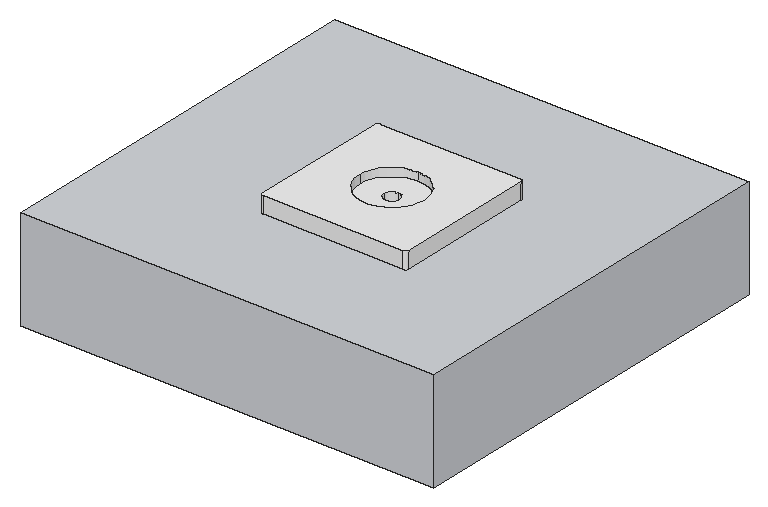
Revit family
Parameters (values of type "Chrome-Polished_Chrome-CP")
  Width = 0' - 2 1/4"
  URL = "http://www.us.kohler.com"
  Product Page URL = "http://www.us.kohler.com/onlinecatalog/detail.jsp?prod_num=14790"
  Product Documentation Link = "http://www.us.kohler.com/onlinecatalog/pdf/1123960_4.pdf"
  Model = "K-14790"  # constant formula
  Manufacturer = "Kohler"  # constant formula
  Length = 0' - 0 1/4"
  Height = 0' - 2 1/4"
  Finish = Chrome-Kohler-CP-Polished_Chrome
  Description = "Loure® slide bar trim"  # constant formula
  Default Elevation = 0' - 0"
  Created By = "http://medialab3dstudio.com/"
  Assembly Code = "C1030200"
Types (4): name | Finish
  (no name) | Chrome-Kohler-CP-Polished_Chrome
  Chrome-Polished_Chrome-CP | Chrome-Kohler-CP-Polished_Chrome
  Nickel-Vibrant_Polished_Nickel-SN | Nickel-Kohler-SN-Vibrant_Polished_Nickel
  Nickel-Vibrant_Brushed_Nickel-BN | Nickel-Kohler-BN-Vibrant_Brushed_Nickel
Reference planes (in)
  plane 1 "Center (Front/Back)": y = 0
  plane 2: z = 0
  plane 3 "Center (Left/Right)": x = 0
  plane 4: x = -1.125
  plane 5: x = 1.125
  plane 6: y = -2.25
  plane 7: z = 0.25
  plane 8: y = -1.12506
  plane 9: z = 0.125
Forms (in)
  Extrusion 1, solid
    sketch origin (0, 0, 0) x (1, 0, 0) y (0, 1, 0)
      loop
        line (-3.375, 2) -> (-3.375, -4.05142) -> (2.98353, -4.05142) -> (2.98353, 2) -> (-3.375, 2)
    from 0 to -1.54873
  Extrusion 2, solid, material "Chrome-Kohler-CP-Polished_Chrome" <- "Finish"
    sketch origin (0, 0, 0) x (1, 0, 0) y (0, 1, 0)
      loop
        arc (-1.07448, 0) -> (-1.1102, -0.0148) -> (-1.125, -0.05052) r 0.05052
        line (-1.125, -0.05052) -> (-1.125, -2.19972)
        arc (-1.125, -2.19972) -> (-1.11027, -2.23527) -> (-1.07472, -2.25) r 0.05028
        line (-1.07472, -2.25) -> (1.07475, -2.25)
        arc (1.07475, -2.25) -> (1.11028, -2.23528) -> (1.125, -2.19975) r 0.05025
        line (1.125, -2.19975) -> (1.125, -0.05017)
        arc (1.125, -0.05017) -> (1.11031, -0.01469) -> (1.07483, 0) r 0.05017
        line (1.07483, 0) -> (-1.07448, 0)
      loop
        arc (-0.5, -1.12506) -> (-0.35355, -1.47862) -> (0, -1.62506) r 0.5
        arc (0, -1.62506) -> (0.35355, -1.47862) -> (0.5, -1.12506) r 0.5
        arc (0.5, -1.12506) -> (0.35355, -0.77151) -> (0, -0.62506) r 0.5
        arc (0, -0.62506) -> (-0.35355, -0.77151) -> (-0.5, -1.12506) r 0.5
    from 0 to 0.25
  Extrusion 3, solid, material "Chrome-Kohler-CP-Polished_Chrome" <- "Finish"
    sketch origin (0, 0, 0) x (1, 0, 0) y (0, 1, 0)
      loop
        arc (0, -0.62506) -> (-0.35355, -0.77151) -> (-0.5, -1.12506) r 0.5
        arc (-0.5, -1.12506) -> (-0.35355, -1.47862) -> (0, -1.62506) r 0.5
        arc (0, -1.62506) -> (0.35355, -1.47862) -> (0.5, -1.12506) r 0.5
        arc (0.5, -1.12506) -> (0.35355, -0.77151) -> (0, -0.62506) r 0.5
      loop
        arc (-0.12109, -1.12506) -> (-0.08563, -1.21069) -> (0, -1.24616) r 0.12109
        arc (0, -1.24616) -> (0.08563, -1.21069) -> (0.12109, -1.12506) r 0.12109
        arc (0.12109, -1.12506) -> (0.08563, -1.03944) -> (0, -1.00397) r 0.12109
        arc (0, -1.00397) -> (-0.08563, -1.03944) -> (-0.12109, -1.12506) r 0.12109
    from 0 to 0.125
Cuts and joins
  joined: Extrusion 2, Extrusion 3
Lines and regions (in)
  Masking region 1, detail levels coarse
    outline origin (0, 0, 0) x (1, 0, 0) y (0, 1, 0)
      loop
        line (-1.125, 0) -> (-1.125, -2.25) -> (1.125, -2.25) -> (1.125, 0) -> (-1.125, 0)
  Masking region 2, detail levels medium+fine
    outline origin (0, 0, 0) x (1, 0, 0) y (0, 1, 0)
      loop
        line (1.07483, 0) -> (-1.07448, 0)
        arc (-1.07448, 0) -> (-1.1102, -0.0148) -> (-1.125, -0.05052) r 0.05052
        line (-1.125, -0.05052) -> (-1.125, -2.19972)
        arc (-1.125, -2.19972) -> (-1.11027, -2.23527) -> (-1.07472, -2.25) r 0.05028
        line (-1.07472, -2.25) -> (1.07475, -2.25)
        arc (1.07475, -2.25) -> (1.11028, -2.23528) -> (1.125, -2.19975) r 0.05025
        line (1.125, -2.19975) -> (1.125, -0.05017)
        arc (1.125, -0.05017) -> (1.11031, -0.01469) -> (1.07483, 0) r 0.05017
      loop
        arc (0, -1.00397) -> (-0.08563, -1.03944) -> (-0.12109, -1.12506) r 0.12109
        arc (-0.12109, -1.12506) -> (-0.08563, -1.21069) -> (0, -1.24616) r 0.12109
        arc (0, -1.24616) -> (0.08563, -1.21069) -> (0.12109, -1.12506) r 0.12109
        arc (0.12109, -1.12506) -> (0.08563, -1.03944) -> (0, -1.00397) r 0.12109
  Masking region 3
    outline origin (0, 0, 0) x (1, 0, 0) y (0, 0, 1)
      loop
        line (-1.125, 0.25) -> (-1.125, 0) -> (1.125, 0) -> (1.125, 0.25) -> (-1.125, 0.25)
  Masking region 4
    outline origin (0, 0, 0) x (0, 1, 0) y (0, 0, 1)
      loop
        line (0, 0.25) -> (-2.25, 0.25) -> (-2.25, 0) -> (0, 0) -> (0, 0.25)
  symbolic lines, style "Masking Lines", detail levels fine
    curve 1: arc (-0.5, -1.12506, 0) -> (-0.35355, -0.77151, 0) -> (0, -0.62506, 0) r 0.5
    curve 2: arc (0, -0.62506, 0) -> (0.35355, -0.77151, 0) -> (0.5, -1.12506, 0) r 0.5
    curve 3: arc (0.5, -1.12506, 0) -> (0.35355, -1.47862, 0) -> (0, -1.62506, 0) r 0.5
    curve 4: arc (0, -1.62506, 0) -> (-0.35355, -1.47862, 0) -> (-0.5, -1.12506, 0) r 0.5
Dimensions and locks (in)
  equal spacing: plane 4, plane 3 "Center (Left/Right)", plane 5
  "Width": plane 4 to plane 5
  "Height": plane 6 to plane 1 "Center (Front/Back)"
  "Length": plane 7 to plane 2
  aligned and locked: plane 2 to Extrusion 1
  aligned and locked: level to Extrusion 1
  aligned and locked: plane 1 "Center (Front/Back)" to Extrusion 2 sketch curve
  aligned and locked: Extrusion 2 sketch curve to plane 5
  aligned and locked: plane 6 to Extrusion 2 sketch curve
  aligned and locked: plane 4 to Extrusion 2 sketch curve
  aligned and locked: plane 3 "Center (Left/Right)" to Extrusion 2 sketch curve  (x2)
  aligned and locked: plane 8 to Extrusion 2 sketch curve  (x2)
  aligned and locked: Extrusion 2 to plane 2
  aligned and locked: plane 7 to Extrusion 2
  aligned and locked: Extrusion 3 sketch curve to Extrusion 2  (x4)
  aligned and locked: Extrusion 3 to plane 2
  aligned and locked: plane 9 to Extrusion 3
  aligned and locked: plane 1 "Center (Front/Back)" to Masking region 1 sketch curve
  aligned and locked: Masking region 1 sketch curve to plane 5
  aligned and locked: plane 6 to Masking region 1 sketch curve
  aligned and locked: plane 4 to Masking region 1 sketch curve
  aligned and locked: Masking region 2 sketch curve to cut or joined group of Extrusion 2, Extrusion 3  (x8)
  aligned and locked: curve 1 to cut or joined group of Extrusion 2, Extrusion 3
  aligned and locked: curve 2 to cut or joined group of Extrusion 2, Extrusion 3
  aligned and locked: curve 3 to cut or joined group of Extrusion 2, Extrusion 3
  aligned and locked: curve 4 to cut or joined group of Extrusion 2, Extrusion 3
  aligned and locked: Masking region 3 sketch curve to plane 7
  aligned and locked: Masking region 3 sketch curve to plane 5
  aligned and locked: plane 2 to Masking region 3 sketch curve
  aligned and locked: plane 4 to Masking region 3 sketch curve
  aligned and locked: Masking region 4 sketch curve to plane 7
  aligned and locked: plane 6 to Masking region 4 sketch curve
  aligned and locked: plane 2 to Masking region 4 sketch curve
  aligned and locked: plane 1 "Center (Front/Back)" to Masking region 4 sketch curve
Automatic sketch dimensions
  Extrusion 1 sketch curve to Extrusion 1 sketch curve = 0' - 6.35853"
  Extrusion 1 sketch curve to Extrusion 1 sketch curve = 0' - 6.05142"
  plane 4 to Extrusion 2 sketch curve = 0' - 0.05028"
  plane 4 to Extrusion 2 sketch curve = 0' - 0.05052"
  Extrusion 2 sketch curve to Extrusion 2 sketch curve = 0' - 0 1/2"
  Extrusion 2 sketch curve to plane 5 = 0' - 0.05025"
  Extrusion 2 sketch curve to plane 5 = 0' - 0.05017"
  Extrusion 3 sketch curve to Extrusion 3 sketch curve = 0' - 0"  (x3)
  Extrusion 3 sketch curve to Extrusion 3 sketch curve = 0' - 0 97/256"
